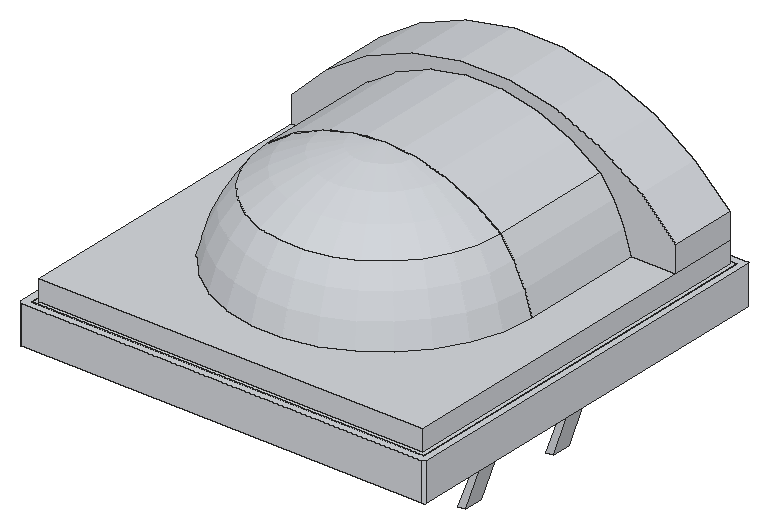
Revit family "Gira_537527", category Electrical Fixtures, host Face, Revit 2017
Family settings
  Host = Face
  Maintain Annotation Orientation = Yes
  Round Connector Dimension = Use Diameter
  Part Type = Normal
  Cut with Voids When Loaded = No
  Shared = No
  Room Calculation Point = No
Parameters (values of type "S3000 Beweg.m.aufs. 2,20 m Standard System 55 Reinweiß m")
  Werkstoffgüte = "sonstige"
  Werkstoff = "sonstige"
  Vernetzbar = "No"
  Unterkriechschutz/Rückfeldüberwachung = "No"
  URL = "http://katalog.gira.de/de_DE/datenblatt.html?artikelnr=537527"
  Treppenhausüberwachung = "Yes"
  Tierschneise = "No"
  Teach-Funktion für Ansprechhelligkeit = "No"
  Region = "DE"
  RAL-Nummer (ähnlich) = "9010 "
  Name = "S3000 Beweg.m.aufs. 2,20 m Standard System 55 Reinweiß m"
  Montagehöhe = "2,2 m"
  Montageart = "unter Putz"
  Max. Reichweite zu einer Seite = "3 m"
  Max. Reichweite frontal = "12 m"
  Max. Einschaltdauer = "120 s"
  Manufacturer URL = "https://www.gira.de/"
  Konstantlichtregelung = "No"
  Keynote = "Bewegungsmelder_2,20m"
  HeinzeBIM = "https://bimportal.heinze.de/bim/s3000-beweg-m-aufs-2-20-m-standard-system-55-reinweiss-m/c0405fc292e319935e0eb77755be6da9805b53c9"
  Halogenfrei = "Yes"
  HLK-Ansteuerung = "No"
  HAN = "537527"
  Geeignet für drahtlose Übertragung = "No"
  Geeignet für Schutzart (IP) = "IP20"
  GTIN = "4010337051169"
  Farbe = "weiß"
  Erfassungswinkel horizontal = "1 - 180"
  Default Elevation = 1219.2 mm
  Data sheet (1) = "https://katalog.gira.de/de_DE/download.html?artikelnr=537527"
  Category = "Bewegungsmelder-Sensor"
  Available = "Yes"
  Ausführung = "Bewegungsmelder"
  Ansprechhelligkeit einstellbar = "No"
  Ansprechempfindlichkeit einstellbar = "Yes"
Reference planes
  plane 1 "Center (Front/Back)": y = 0
  plane 2: z = 0
  plane 3 "Center (Left/Right)": x = 0
Forms (mm)
  Extrusion 1, solid, detail levels fine
    sketch origin (0, 0, 0) x (1, 0, 0) y (0, 0, 1)
      loop
        line (-33.25, 14.602) -> (-33.25, 10.1) -> (33.25, 10.1) -> (33.25, 14.602)
        arc (33.25, 14.602) -> (0, 30.256) -> (-33.25, 14.602) r 43.139
    from -33.25 to -21.609
  Extrusion 2, solid, detail levels fine
    sketch origin (0, 0, 0) x (1, 0, 0) y (0, 1, 0)
      loop
        line (-33.25, 33.25) -> (-33.25, -33.25) -> (33.25, -33.25) -> (33.25, 33.25) -> (-33.25, 33.25)
    from 6.6 to 10.1
  Extrusion 3, solid, detail levels fine
    sketch origin (0, 0, 0) x (1, 0, 0) y (0, 0, 1)
      loop
        arc (20.138, 21.225) -> (0, 28.457) -> (-20.138, 21.225) r 31.652
        arc (-20.138, 21.225) -> (-23.48, 15.984) -> (-25.486, 10.1) r 26.053
        line (-25.486, 10.1) -> (25.486, 10.1)
        arc (25.486, 10.1) -> (23.48, 15.984) -> (20.138, 21.225) r 26.053
    from -21.609 to 0
  Revolve 4, solid, detail levels fine
    sketch origin (0, 0, 0) x (1, 0, 0) y (0, 0, 1)
      loop
        arc (0, 28.457) -> (-10.699, 26.594) -> (-20.138, 21.225) r 31.652
        arc (-20.138, 21.225) -> (-23.48, 15.984) -> (-25.486, 10.1) r 26.053
        line (-25.486, 10.1) -> (0, 10.1) -> (0, 28.457)
      axis (0, 28.457) -> (0, 10.1)
    angle from -180 to 0
  Extrusion 5, solid, detail levels fine
    sketch origin (0, 0, 0) x (1, 0, 0) y (0, 1, 0)
      loop
        spline (-34.7, 35.2) -> (-34.765, 35.196) -> (-34.829, 35.183) -> (-34.891, 35.162) -> (-34.95, 35.133) -> (-35.004, 35.097) -> (-35.054, 35.054) -> (-35.097, 35.004) -> (-35.133, 34.95) -> (-35.162, 34.891) -> (-35.183, 34.829) -> (-35.196, 34.765) -> (-35.2, 34.7)
        line (-35.2, 34.7) -> (-35.2, -34.7)
        spline (-35.2, -34.7) -> (-35.196, -34.765) -> (-35.183, -34.829) -> (-35.162, -34.891) -> (-35.133, -34.95) -> (-35.097, -35.004) -> (-35.054, -35.054) -> (-35.004, -35.097) -> (-34.95, -35.133) -> (-34.891, -35.162) -> (-34.829, -35.183) -> (-34.765, -35.196) -> (-34.7, -35.2)
        line (-34.7, -35.2) -> (34.7, -35.2)
        spline (34.7, -35.2) -> (34.765, -35.196) -> (34.829, -35.183) -> (34.891, -35.162) -> (34.95, -35.133) -> (35.004, -35.097) -> (35.054, -35.054) -> (35.097, -35.004) -> (35.133, -34.95) -> (35.162, -34.891) -> (35.183, -34.829) -> (35.196, -34.765) -> (35.2, -34.7)
        line (35.2, -34.7) -> (35.2, 34.7)
        spline (35.2, 34.7) -> (35.196, 34.765) -> (35.183, 34.829) -> (35.162, 34.891) -> (35.133, 34.95) -> (35.097, 35.004) -> (35.054, 35.054) -> (35.004, 35.097) -> (34.95, 35.133) -> (34.891, 35.162) -> (34.829, 35.183) -> (34.765, 35.196) -> (34.7, 35.2)
        line (34.7, 35.2) -> (-34.7, 35.2)
      loop
        line (-33.986, 33.986) -> (-33.986, -33.986) -> (33.986, -33.986) -> (33.986, 33.986) -> (-33.986, 33.986)
    from 0 to 6.6
  Extrusion 6, solid, detail levels fine
    sketch origin (0, 0, 0) x (1, 0, 0) y (0, 1, 0)
      loop
        line (-33.986, 33.986) -> (-33.986, -33.986) -> (33.986, -33.986) -> (33.986, 33.986) -> (-33.986, 33.986)
    from 5 to 6.6
  Extrusion 7, solid
    sketch origin (0, 0, 0) x (1, 0, 0) y (0, 1, 0)
      loop
        line (-23.656, 22.752) -> (-23.656, -22.748)
        arc (-23.656, -22.748) -> (-23.409, -23.369) -> (-22.801, -23.65) r 0.904
        line (-22.801, -23.65) -> (22.796, -23.65)
        arc (22.796, -23.65) -> (23.404, -23.369) -> (23.656, -22.748) r 0.904
        line (23.656, -22.748) -> (23.652, 22.752)
        arc (23.652, 22.752) -> (23.404, 23.374) -> (22.796, 23.655) r 0.904
        line (22.796, 23.655) -> (-22.801, 23.655)
        arc (-22.801, 23.655) -> (-23.409, 23.374) -> (-23.656, 22.752) r 0.904
    from -3.2 to 5
  Extrusion 8, solid, detail levels fine
    sketch origin (0, 0, 0) x (1, 0, 0) y (0, 1, 0)
      loop
        line (-27.334, -25) -> (-26.366, -25) -> (-26.366, 26.298) -> (26.366, 26.298) -> (26.366, -25) -> (27.334, -25) -> (27.334, 27.402) -> (-27.334, 27.402) -> (-27.334, -25)
    from -1.1 to 5
  Extrusion 9, solid, detail levels fine
    sketch origin (0, 0, 0) x (1, 0, 0) y (0, 1, 0)
      loop
        line (-5.141, 20.682) -> (-5.141, 15.098)
        spline (-5.141, 15.098) -> (-5.133, 14.968) -> (-5.107, 14.84) -> (-5.065, 14.716) -> (-5.007, 14.599) -> (-4.935, 14.49) -> (-4.849, 14.391) -> (-4.75, 14.305) -> (-4.641, 14.233) -> (-4.524, 14.175) -> (-4.4, 14.133) -> (-4.272, 14.107) -> (-4.142, 14.099)
        line (-4.142, 14.099) -> (4.142, 14.099)
        spline (4.142, 14.099) -> (4.272, 14.107) -> (4.4, 14.133) -> (4.524, 14.175) -> (4.641, 14.233) -> (4.75, 14.305) -> (4.849, 14.391) -> (4.935, 14.49) -> (5.007, 14.599) -> (5.065, 14.716) -> (5.107, 14.84) -> (5.133, 14.968) -> (5.141, 15.098)
        line (5.141, 15.098) -> (5.141, 20.682)
        spline (5.141, 20.682) -> (5.133, 20.812) -> (5.107, 20.94) -> (5.065, 21.064) -> (5.007, 21.181) -> (4.935, 21.29) -> (4.849, 21.389) -> (4.75, 21.475) -> (4.641, 21.547) -> (4.524, 21.605) -> (4.4, 21.647) -> (4.272, 21.673) -> (4.142, 21.681)
        line (4.142, 21.681) -> (-4.142, 21.681)
        spline (-4.142, 21.681) -> (-4.272, 21.673) -> (-4.4, 21.647) -> (-4.524, 21.605) -> (-4.641, 21.547) -> (-4.75, 21.475) -> (-4.849, 21.389) -> (-4.935, 21.29) -> (-5.007, 21.181) -> (-5.065, 21.064) -> (-5.107, 20.94) -> (-5.133, 20.812) -> (-5.141, 20.682)
    from -19.6 to -3.2
  Extrusion 10, solid, detail levels fine
    sketch origin (0, 0, 0) x (1, 0, 0) y (0, 0, 1)
      loop
        line (-24.966, -3.825) -> (-25.395, -8.726) -> (-23.048, -15.543) -> (-21.665, -15.713) -> (-24.338, -8.563) -> (-23.422, -1.1) -> (-25.014, -1.1) -> (-24.966, -3.825)
      loop
        line (24.966, -3.825) -> (25.014, -1.1) -> (23.422, -1.1) -> (24.338, -8.563) -> (21.665, -15.713) -> (23.048, -15.543) -> (25.395, -8.726) -> (24.966, -3.825)
    from -11.1 to -7.9
  Extrusion 11, solid, detail levels fine
    sketch origin (0, 0, 0) x (1, 0, 0) y (0, 0, -1)
      loop
        line (-24.966, 3.825) -> (-25.014, 1.1) -> (-23.422, 1.1) -> (-24.338, 8.563) -> (-21.665, 15.713) -> (-23.048, 15.543) -> (-25.395, 8.726) -> (-24.966, 3.825)
      loop
        line (24.966, 3.825) -> (25.395, 8.726) -> (23.048, 15.543) -> (21.665, 15.713) -> (24.338, 8.563) -> (23.422, 1.1) -> (25.014, 1.1) -> (24.966, 3.825)
    from -11.1 to -7.9
  Extrusion 12, solid
    sketch origin (0, 0, 0) x (1, 0, 0) y (0, 1, 0)
      loop
        line (-23.656, 22.752) -> (-23.656, -22.748)
        arc (-23.656, -22.748) -> (-23.409, -23.369) -> (-22.801, -23.65) r 0.904
        line (-22.801, -23.65) -> (22.796, -23.65)
        arc (22.796, -23.65) -> (23.404, -23.369) -> (23.656, -22.748) r 0.904
        line (23.656, -22.748) -> (23.652, 22.752)
        arc (23.652, 22.752) -> (23.404, 23.374) -> (22.796, 23.655) r 0.904
        line (22.796, 23.655) -> (-22.801, 23.655)
        arc (-22.801, 23.655) -> (-23.409, 23.374) -> (-23.656, 22.752) r 0.904
    from -3.2 to 5
  Extrusion 13, solid, detail levels medium
    sketch origin (0, 0, 0) x (1, 0, 0) y (0, 1, 0)
      loop
        line (-35.2, 35.2) -> (-35.2, -35.2) -> (35.2, -35.2) -> (35.2, 35.2) -> (-35.2, 35.2)
    from 0 to 6.6
  Extrusion 14, solid, detail levels medium
    sketch origin (0, 0, 0) x (1, 0, 0) y (0, 1, 0)
      loop
        line (-33.25, 33.25) -> (-33.25, -33.25) -> (33.25, -33.25) -> (33.25, 33.25) -> (-33.25, 33.25)
    from 6.6 to 30.256
  Extrusion 15, solid, detail levels medium
    sketch origin (0, 0, 0) x (1, 0, 0) y (0, 1, 0)
      loop
        line (-23.656, 23.655) -> (-23.656, -23.65) -> (23.656, -23.65) -> (23.656, 23.655) -> (-23.656, 23.655)
    from -3.2 to 5
  Extrusion 16, solid, detail levels medium
    sketch origin (0, 0, 0) x (1, 0, 0) y (0, 0, 1)
      loop
        line (-25.014, -1.1) -> (-25.014, -15.713) -> (-21.665, -15.713) -> (-21.665, -1.1) -> (-25.014, -1.1)
      loop
        line (25.014, -1.1) -> (21.665, -1.1) -> (21.665, -15.713) -> (25.014, -15.713) -> (25.014, -1.1)
    from -11.1 to -7.9
  Extrusion 17, solid, detail levels medium
    sketch origin (0, 0, 0) x (1, 0, 0) y (0, 0, -1)
      loop
        line (-25.014, 1.1) -> (-21.665, 1.1) -> (-21.665, 15.713) -> (-25.014, 15.713) -> (-25.014, 1.1)
      loop
        line (25.014, 1.1) -> (25.014, 15.713) -> (21.665, 15.713) -> (21.665, 1.1) -> (25.014, 1.1)
    from -11.1 to -7.9
  Extrusion 18, solid, detail levels medium
    sketch origin (0, 0, 0) x (1, 0, 0) y (0, 1, 0)
      loop
        line (-5.141, 14.099) -> (5.141, 14.099) -> (5.141, 21.681) -> (-5.141, 21.681) -> (-5.141, 14.099)
    from -19.6 to -3.2
  Extrusion 19, solid, detail levels coarse
    sketch origin (0, 0, 0) x (1, 0, 0) y (0, 1, 0)
      loop
        line (-35.2, 35.2) -> (-35.2, -35.2) -> (35.2, -35.2) -> (35.2, 35.2) -> (-35.2, 35.2)
    from -19.6 to 30.256
Dimensions and locks
  aligned and locked: plane 2 to host face
  aligned and locked: level to host face
  aligned and locked: nested 1 to plane 3 "Center (Left/Right)"
  aligned and locked: plane 1 "Center (Front/Back)" to nested 1
Nested families
  nested 1: "Belegungssensor - Bewegung - Aufputz - Beschriftung" at (0, 0, 0) x (0, -1, 0) z (0, 0, 1), type "Belegungssensor - Bewegung - Aufputz - Beschriftung"
Connectors
  electrical at (0, 0, -19.6)
    settings: on Extrusion 19, index 1, voltage 220 V, apparent load 0 VA, apparent load phase1 0 VA, apparent load phase2 0 VA, apparent load phase3 0 VA, power factor 1, load classification "Other", number of poles 1, system type 30, power factor state 1, is connector primary yes, connector utility no, sub classification motor no, connector description ""
Definition of nested family "Belegungssensor - Bewegung - Aufputz - Beschriftung"
  Reference planes
    plane 1: y = 0
    plane 2: x = 0
  Lines and regions (mm)
    Filled region 1, type "Gefüllter Bereich 1"
      outline origin (143.425, -20.712, 0) x (1, 0, 0) y (0, 1, 0)
        loop
          line (-148.697, 21.204) -> (-148.697, 20.409) -> (-147.583, 20.807) -> (-148.697, 21.204)
    Filled region 2, type "Gefüllter Bereich 1"
      outline origin (141.808, 30.001, 0) x (0.939693, 0.34202, 0) y (-0.34202, 0.939693, 0)
        loop
          line (-148.694, 21.203) -> (-148.694, 20.41) -> (-147.583, 20.807) -> (-148.694, 21.203)
    Filled region 3, type "Gefüllter Bereich 1"
      outline origin (141.819, -29.825, 0) x (-0.34202, -0.939693, 0) y (0.939693, -0.34202, 0)
        loop
          line (21.204, -148.697) -> (20.807, -147.583) -> (20.409, -148.697) -> (21.204, -148.697)
    detail lines
      curve 1: line (-1.207, 0.095, 0) -> (-3.486, 1.411, 0)
      curve 2: line (-1.207, 0.095, 0) -> (-3.486, -1.221, 0)
      curve 5: arc (-3.252, 1.752, 0) -> (-3.839, 0.095, 0) -> (-3.252, -1.562, 0) r 2.632
      curve 6: line (-6, 3, 0) -> (0, 3, 0)
      curve 7: line (-6, -3, 0) -> (-6, 3, 0)
      curve 8: line (0, -3, 0) -> (-6, -3, 0)
      curve 9: line (0, 3, 0) -> (0, -3, 0)
    reference lines
      curve 3: line (-1.207, 0.095, 0) -> (-3.616, 2.046, 0)
      curve 4: line (-1.207, 0.095, 0) -> (-3.616, -1.856, 0)
  Dimensions and locks
    curve 1 to curve 1 = 2.632 mm
    curve 2 to curve 2 = 2.632 mm
    curve 6 to curve 8 = 6 mm
    curve 7 to curve 9 = 6 mm
    angle curve 1 to curve 2 = 60.00°
    aligned and locked: curve 6 to curve 7
    aligned and locked: curve 9 to curve 9
